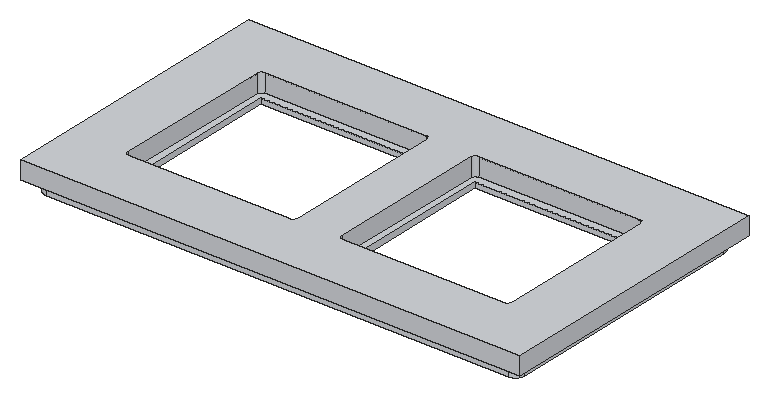
Revit family "Gira_0212122", category Electrical Fixtures, host Face, Revit 2017
Family settings
  Host = Face
  Maintain Annotation Orientation = No
  Round Connector Dimension = Use Diameter
  Part Type = Normal
  Cut with Voids When Loaded = No
  Shared = No
  Room Calculation Point = No
Parameters (values of type "Cov.fr. 2-g Gira Esprit umber gl.")
  With mounting grid = "No"
  With hinged lid = "No"
  URL = "http://katalog.gira.de/en/datenblatt.html?artikelnr=0212122"
  Type of fastening = "Clamp mounting"
  Transparent = "No"
  Surface protection = "Other"
  Suitable for wall duct = "No"
  Suitable for flush-mounted installation = "Yes"
  Suitable for floor box = "No"
  Suitable for built-in installation = "No"
  Number of units vertical = "2"
  Number of units horizontal = "2"
  Number of units = "2"
  Name = "Cov.fr. 2-g Gira Esprit umber gl."
  Mounting direction = "Horizontal and vertical"
  Material quality = "Real glass"
  Material = "Glass"
  Manufacturer URL = "https://www.gira.de/"
  Manufacturer = "Gira"
  Label space/information surface = "No"
  Keynote = ""
  HeinzeBIM = "https://bimportal.heinze.de/bim/cov-fr-2-g-gira-esprit-umber-gl-/c1d089c29acb4aabb5d123a5a7b9b3a461b101bf"
  Halogen free = "No"
  HAN = "0212122"
  GTIN = "4010337076346"
  Description = "Cov.fr.2g Espr. RM GUm,Gira Esprit cover frame,umber glass,2-gang,"
  Degree of protection (IP) = "IP20"
  Default Elevation = 1219.2 mm
  Data sheet (1) = "https://katalog.gira.de/en/download.html?artikelnr=0212122"
  Colour = "Other"
  Category = "Cover frame for domestic switching devices"
  BIM (1) = "https://media.stage.bim.site/public/gira/36a6b08/Espr._Rahmen_2fach.rfa"
  Available = "No"
Reference planes
  plane 1 "Center (Front/Back)": y = 0
  plane 2: z = 0
  plane 3 "Center (Left/Right)": x = 0
Forms (mm)
  Extrusion 1, solid, detail levels fine
    sketch origin (0, 0, 0) x (1, 0, 0) y (0, 1, 0)
      loop
        line (-83, 47.5) -> (-83, -47.5) -> (83, -47.5) -> (83, 47.5) -> (-83, 47.5)
      loop
        arc (-63.75, -26.7) -> (-63.311, -27.761) -> (-62.25, -28.2) r 1.5
        line (-62.25, -28.2) -> (-8.85, -28.2)
        arc (-8.85, -28.2) -> (-7.789, -27.761) -> (-7.35, -26.7) r 1.5
        line (-7.35, -26.7) -> (-7.35, 26.7)
        arc (-7.35, 26.7) -> (-7.789, 27.761) -> (-8.85, 28.2) r 1.5
        line (-8.85, 28.2) -> (-62.25, 28.2)
        arc (-62.25, 28.2) -> (-63.311, 27.761) -> (-63.75, 26.7) r 1.5
        line (-63.75, 26.7) -> (-63.75, -26.7)
      loop
        line (63.75, -26.7) -> (63.75, 26.7)
        arc (63.75, 26.7) -> (63.311, 27.761) -> (62.25, 28.2) r 1.5
        line (62.25, 28.2) -> (8.85, 28.2)
        arc (8.85, 28.2) -> (7.789, 27.761) -> (7.35, 26.7) r 1.5
        line (7.35, 26.7) -> (7.35, -26.7)
        arc (7.35, -26.7) -> (7.789, -27.761) -> (8.85, -28.2) r 1.5
        line (8.85, -28.2) -> (62.25, -28.2)
        arc (62.25, -28.2) -> (63.311, -27.761) -> (63.75, -26.7) r 1.5
    from 0 to 6
  Extrusion 2, solid, detail levels fine
    sketch origin (0, 0, 0) x (1, 0, 0) y (0, 1, 0)
      loop
        line (-61.45, -25.7) -> (-9.65, -25.7) -> (-9.65, 25.7) -> (-61.45, 25.7) -> (-61.45, -25.7)
      loop
        line (61.45, 25.7) -> (9.65, 25.7) -> (9.65, -25.7) -> (61.45, -25.7) -> (61.45, 25.7)
      loop
        arc (-78.454, -41.3) -> (-77.927, -42.573) -> (-76.654, -43.1) r 1.8
        line (-76.654, -43.1) -> (76.654, -43.1)
        arc (76.654, -43.1) -> (77.927, -42.573) -> (78.454, -41.3) r 1.8
        line (78.454, -41.3) -> (78.454, 41.3)
        arc (78.454, 41.3) -> (77.927, 42.573) -> (76.654, 43.1) r 1.8
        line (76.654, 43.1) -> (-76.654, 43.1)
        arc (-76.654, 43.1) -> (-77.927, 42.573) -> (-78.454, 41.3) r 1.8
        line (-78.454, 41.3) -> (-78.454, -41.3)
    from -1.9 to 0
  Extrusion 3, solid, detail levels fine
    sketch origin (0, 0, 0) x (1, 0, 0) y (0, 1, 0)
      loop
        arc (-76.75, 44.4) -> (-78.871, 43.521) -> (-79.75, 41.4) r 3
        line (-79.75, 41.4) -> (-79.75, -41.4)
        arc (-79.75, -41.4) -> (-78.871, -43.521) -> (-76.75, -44.4) r 3
        line (-76.75, -44.4) -> (76.75, -44.4)
        arc (76.75, -44.4) -> (78.871, -43.521) -> (79.75, -41.4) r 3
        line (79.75, -41.4) -> (79.75, 41.4)
        arc (79.75, 41.4) -> (78.871, 43.521) -> (76.75, 44.4) r 3
        line (76.75, 44.4) -> (-76.75, 44.4)
      loop
        arc (-78.55, -41.4) -> (-78.023, -42.673) -> (-76.75, -43.2) r 1.8
        line (-76.75, -43.2) -> (76.75, -43.2)
        arc (76.75, -43.2) -> (78.023, -42.673) -> (78.55, -41.4) r 1.8
        line (78.55, -41.4) -> (78.55, 41.4)
        arc (78.55, 41.4) -> (78.023, 42.673) -> (76.75, 43.2) r 1.8
        line (76.75, 43.2) -> (-76.75, 43.2)
        arc (-76.75, 43.2) -> (-78.023, 42.673) -> (-78.55, 41.4) r 1.8
        line (-78.55, 41.4) -> (-78.55, -41.4)
    from -3.7 to 0
  Extrusion 4, solid, detail levels medium
    sketch origin (0, 0, 0) x (1, 0, 0) y (0, 1, 0)
      loop
        line (-83, 47.5) -> (-83, -47.5) -> (83, -47.5) -> (83, 47.5) -> (-83, 47.5)
    from 0 to 6
  Extrusion 5, solid, detail levels medium
    sketch origin (0, 0, 0) x (1, 0, 0) y (0, 1, 0)
      loop
        line (-79.75, 44.4) -> (-79.75, -44.4) -> (79.75, -44.4) -> (79.75, 44.4) -> (-79.75, 44.4)
    from -3.7 to 0
  Extrusion 6, solid, detail levels coarse
    sketch origin (0, 0, 0) x (1, 0, 0) y (0, 1, 0)
      loop
        line (-83, 47.5) -> (-83, -47.5) -> (83, -47.5) -> (83, 47.5) -> (-83, 47.5)
    from -3.7 to 6
Dimensions and locks
  aligned and locked: plane 2 to host face
  aligned and locked: level to host face
